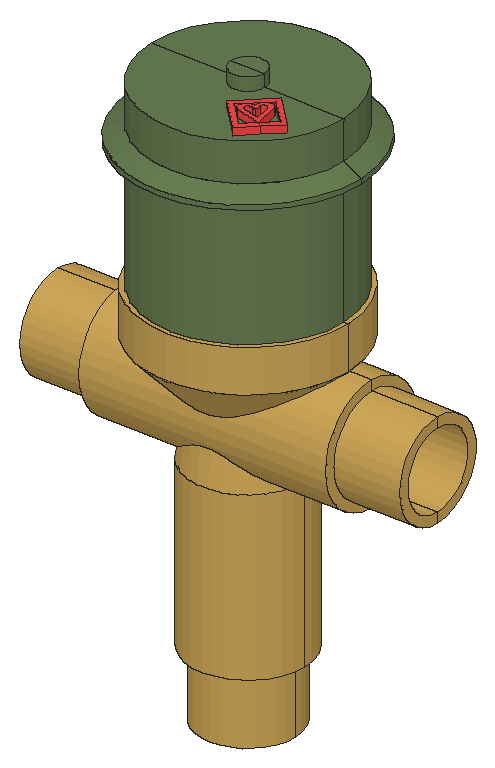
Revit family "TW Mischventil 7766 54", category Rohrzubehör, Revit 2021
Family settings
  Bemaßung runder Anschluss = Durchmesser verwenden
  Teiletyp = Unterbricht
  OmniClass-Nummer = 23.65.55.14
  OmniClass-Titel = Valves for Liquid Services
  Arbeitsebenenbasiert = Nein
  Immer vertikal = Ja
  Beim Laden mit Abzugskörper schneiden = Nein
  Gemeinsam genutzt = Nein
Parameters
  Vorgabe-Ansicht = 0 mm
  Temperaturstabilität am Ausgang = "+-2°C"  # constant formula
  Min. Übertemp. WW-MW = 15 °C  # constant formula
  Min. Durchfluss = 0.07 L/s  # constant formula
  Min. Betriebstemp. KW = "5 °C - 25 °C"  # constant formula
  Max. Betriebstemp. WW = 85 °C  # constant formula
  Max. Arbeitsdruck (dynamisch) = "0.2 - 6 bar"  # constant formula
  Warnhinweis = "• Es wird empfohlen das Ventil mindestens einmal im Jahr zu überprüfen. Bei schlechter oder unbekannter Wassergüte\r\nist die Prüfung entsprechend öfter durchzuführen.\r\n• Die Prüfung der Auslauftemperatur ist wie bei der Neuinstallation durchzuführen und darf nicht mehr als 2 °C vom\r\nErsteinstellwert abweichen.\r\n• Die Rückschlagventile sind zur Reinigung leicht zugänglich. Wir empfehlen die Verwendung einer Spitzzange um die\r\nRückschlagventile aus dem Ventilgehäuse zu ziehen. Aushebeln kann zu Beschädigungen führen.\r\n• Außer der Abnahme des Handrades und der Reinigung der Rückschlagventile ist ein weiteres Zerlegen des Ventils\r\nfür Wartungszwecke nicht vorgesehen"
  URL = "www.herz-armaturen.at"
  Temp. Einstellbereich = "35 °C - 50 °C"  # constant formula
  Spindel = "entzinkungsbeständiges Messing CW626N"  # constant formula
  Sicherheitshinweis = "Die verwendete Armatur ist eine SICHERHEITSARMATUR. Ein Austausch spätestens alle 5 Jahre wird empfohlen.\r\nNationale und regionale Normen, sowie Richtlinien sind zu beachten."
  SCTWSEQ = "AW;SBT_TYP_AW=\"104\";3"
  SCTWCODE = "04;18;03"  # constant formula
  S02 = H07 - H01 - H05  # 38.4 mm
  S01 = H00 - H01  # 61 mm
  R07 = 3.5 mm  # constant formula
  R06 = 24 mm  # constant formula
  R05 = 20.3 mm  # constant formula
  R04 = 24 mm  # constant formula
  R03 = R02 + 2 mm  # 12 mm
  R02 = Nennweite / 2  # 10 mm
  R01 = 8 mm  # constant formula
  Nennweite = 20 mm  # constant formula
  Mischtemp. (Werkseinstellung) = 45 °C  # constant formula
  Medium = "Trinkwasser"  # constant formula
  LO1 = H07 - H05  # 59.4 mm
  L02 = 21.3 mm  # constant formula
  L01 = 12 mm  # constant formula
  L00 = 40 mm  # constant formula
  Innenteil = "entzinkungsbeständiges Messing CW626N"  # constant formula
  Hinweis = "Gemäß Art 33 der REACH-Verordnung (EG Nr. 1907/2006) sind wir verpflichtet, darauf hinzuweisen, dass der Stoff Blei auf der SVHC-Liste geführt wird und dass alle aus Messing bestehenden Bauteile, die in unseren Erzeugnissen verarbeitet sind, mehr als 0,1 % (w/w) Blei (CAS: 7439-92-1 / EINECS: 231-100-4) enthalten.\r\nDa Blei als Legierungsbestandteil fest gebunden ist, sind keine Expositionen zu erwarten und daher sind keine zusätzlichen Angaben zur sicheren Verwendung notwendig."
  Hersteller = "HERZ Armaturen Ges.m.b.H."  # constant formula
  Handrad = "ABS"  # constant formula
  H08 = 8 mm  # constant formula
  H07 = 62 mm  # constant formula
  H06 = 25.4 mm  # constant formula
  H05 = 2.6 mm  # constant formula
  H04 = 35 mm  # constant formula
  H03 = 14 mm  # constant formula
  H02 = 9 mm  # constant formula
  H01 = 21 mm  # constant formula
  H00 = 82 mm  # constant formula
  Gehäuse = "entzinkungsbeständiges Messing CC770S"  # constant formula
  Funktion = "Das thermostatische Mischventil 7766 TMV wird in Anlagen mit erwärmten Trinkwasser eingesetzt.\r\nUnabhängig von Druck- oder Temperaturänderungen des im Ventil zu vermischenden Kalt- und Warmwassers, wird das gemischte Wasser konstant auf den voreingestellten Temperatur- und Durchflusswert geregelt.\r\nDas Thermostatventil arbeitet vollkommen selbstständig und ohne Hilfsenergie.\r\nDer nach der Installation einmal voreingestellte Wert der gewünschten Mischtemperatur, wird innerhalb einer regeltechnischen Hysterese konstant gehalten."
  Feder = "Edelstahl 1.4310"  # constant formula
  Durchfluss bei 3 bar = 0.7 L/s  # constant formula
  Dichtung = "EPDM"  # constant formula
  Bestellnummer = 2776654  # constant formula
  Arbeitsdruck (statisch) = 1000000.0 Pa  # constant formula
  Anschlussgewinde = "flachdichtend, G 3/4"  # constant formula
Reference planes
  plane 1 "Mitte (Vorne/hinten)": y = 0
  plane 2: z = 0
  plane 3 "Mitte (Links/rechts)": x = 0
Forms (mm)
  Revolve 1, solid, material "Kunststoff GRÜN", detail levels fine
    sketch origin (-2.352, 0, -141.797) x (1, 0, 0) y (0, 0, 1)
      loop
        line (-1.148, 201.197) -> (-17.948, 201.197) -> (-17.948, 193.197) -> (-21.648, 191.197) -> (-21.648, 190.197) -> (-17.948, 188.197) -> (-17.948, 162.797) -> (2.352, 162.797) -> (2.352, 203.797) -> (-1.148, 203.797) -> (-1.148, 201.197)
      axis (2.352, 203.797) -> (2.352, 162.797)
    angle from 0 to 360
  Revolve 2, solid, material "Messing, weicher Gelbton, geschweißt", detail levels fine
    sketch origin (101.455, 0, 0) x (1, 0, 0) y (0, 0, 1)
      loop
        line (-101.455, -49) -> (-101.455, 21) -> (-122.755, 21) -> (-122.755, 12) -> (-111.455, 0) -> (-113.455, -12) -> (-113.455, -47) -> (-111.455, -47) -> (-111.455, -61) -> (-109.455, -61) -> (-109.455, -49) -> (-101.455, -49)
      axis (-101.455, 21) -> (-101.455, -61)
    angle from 0 to 360
  Revolve 3, solid, material "Messing, weicher Gelbton, geschweißt", detail levels fine
    sketch origin (-28, 0, 0) x (1, 0, 0) y (0, 0, 1)
      loop
        line (56, 8) -> (68, 8) -> (68, 10) -> (54, 10) -> (54, 12) -> (2, 12) -> (2, 10) -> (-12, 10) -> (-12, 8) -> (0, 8) -> (0, 0) -> (56, 0) -> (56, 8)
      axis (-12, 0) -> (68, 0)
    angle from 0 to 360
Lines and regions (mm)
  model lines, detail levels coarse+medium
    curve 1: line (-40, 0, 10) -> (-40, 0, -10)
    curve 2: line (-40, 0, -10) -> (40, 0, 10)
    curve 3: line (40, 0, 10) -> (40, 0, -10)
    curve 4: line (40, 0, -10) -> (-40, 0, 10)
    curve 5: line (0, 0, 0) -> (10, 0, -61)
    curve 6: line (10, 0, -61) -> (-10, 0, -61)
    curve 7: line (-10, 0, -61) -> (0, 0, 0)
    curve 8: line (0, 0, 0) -> (0, 0, 21)
    curve 9: line (-20.3, 0, 21) -> (20.3, 0, 21)
    curve 10: line (20.3, 0, 21) -> (20.3, 0, 59.4)
    curve 11: line (20.3, 0, 59.4) -> (-20.3, 0, 59.4)
    curve 12: line (-20.3, 0, 59.4) -> (-20.3, 0, 21)
    curve 13: line (20.3, 0, 59.4) -> (-20.3, 0, 21)
    curve 14: line (-20.3, 0, 59.4) -> (20.3, 0, 21)
    curve 15: line (-40, 10, 0) -> (-40, -10, 0)
    curve 16: line (-40, -10, 0) -> (40, 10, 0)
    curve 17: line (40, 10, 0) -> (40, -10, 0)
    curve 18: line (40, -10, 0) -> (-40, 10, 0)
    curve 19: line (0, 0, 0) -> (-10, -61, 0)
    curve 20: line (-10, -61, 0) -> (10, -61, 0)
    curve 21: line (10, -61, 0) -> (0, 0, 0)
    curve 22: line (0, 0, 0) -> (0, 21, 0)
    curve 23: line (-20.3, 21, 0) -> (20.3, 21, 0)
    curve 24: line (20.3, 21, 0) -> (20.3, 59.4, 0)
    curve 25: line (20.3, 59.4, 0) -> (-20.3, 59.4, 0)
    curve 26: line (-20.3, 59.4, 0) -> (-20.3, 21, 0)
    curve 27: line (20.3, 59.4, 0) -> (-20.3, 21, 0)
    curve 28: line (-20.3, 59.4, 0) -> (20.3, 21, 0)
Dimensions and locks
  "L00": Revolve 3 sketch curve to plane 3 "Mitte (Links/rechts)" to Revolve 3 sketch curve
  "L01": Revolve 3 sketch curve to Revolve 3 sketch curve  (x2)
  "R01": Revolve 3 sketch curve to Revolve 3 sketch curve  (x2)
  "R02": Revolve 3 sketch curve to Revolve 3 sketch curve
  "L02": Revolve 2 sketch curve to Revolve 2 sketch curve
  "H02": Revolve 2 sketch curve to Revolve 2 sketch curve
  "R02": Revolve 2 sketch curve to Revolve 2 sketch curve  (x2)
  "H01": Revolve 2 sketch curve to plane 2
  "H00": Revolve 2 sketch curve to Revolve 2 sketch curve
  "H03": Revolve 2 sketch curve to Revolve 2 sketch curve
  "R03": Revolve 2 sketch curve to Revolve 2 sketch curve
  "H04": Revolve 2 sketch curve to Revolve 2 sketch curve
  "R01": Revolve 2 sketch curve to Revolve 2 sketch curve
  "L01": Revolve 2 sketch curve to Revolve 2 sketch curve
  "H03": Revolve 3 sketch curve to Revolve 3 sketch curve  (x2)
  "R03": Revolve 3 sketch curve to Revolve 3 sketch curve
  "R05": Revolve 1 sketch curve to Revolve 1 sketch curve  (x2)
  "H07": Revolve 1 sketch curve to plane 2
  "H05": Revolve 1 sketch curve to Revolve 1 sketch curve
  "H06": Revolve 1 sketch curve to Revolve 1 sketch curve
  "H08": Revolve 1 sketch curve to Revolve 1 sketch curve
  "R06": Revolve 1 sketch curve to Revolve 1 sketch curve
  "R07": Revolve 1 sketch curve to Revolve 1 sketch curve
  "R02": curve 4 to plane 2 to curve 2
  "R02": curve 3 to plane 2 to curve 4
  "L00": curve 1 to plane 3 "Mitte (Links/rechts)" to curve 3
  "R02": curve 6 to plane 3 "Mitte (Links/rechts)" to curve 7
  "S01": plane 2 to curve 6
  "H01": curve 8 to plane 2
  "S02": curve 11 to Revolve 1
  "R05": curve 12 to plane 3 "Mitte (Links/rechts)" to curve 10
  "L00": curve 15 to plane 3 "Mitte (Links/rechts)" to curve 17
  "R02": curve 16 to plane 1 "Mitte (Vorne/hinten)" to curve 18
  "R02": curve 18 to plane 1 "Mitte (Vorne/hinten)" to curve 17
  "R02": curve 20 to plane 3 "Mitte (Links/rechts)" to curve 21
  "S01": curve 20 to plane 1 "Mitte (Vorne/hinten)"
  "H01": plane 1 "Mitte (Vorne/hinten)" to curve 22
  "S02": curve 23 to curve 25
  "R05": curve 26 to plane 3 "Mitte (Links/rechts)" to curve 24
  "LO1": nested 1 to plane 2
  aligned and locked: level to plane 2
Automatic sketch dimensions
  curve 5 to level = 0 mm
  curve 8 to level = 0 mm
  plane 1 "Mitte (Vorne/hinten)" to curve 19 = 0 mm
  plane 1 "Mitte (Vorne/hinten)" to curve 22 = 0 mm
  Revolve 1 sketch curve to plane 3 "Mitte (Links/rechts)" = 0 mm  (x2)
  Revolve 1 sketch curve to Revolve 1 sketch curve = 2 mm  (x2)
  Revolve 1 sketch curve to Revolve 1 sketch curve = 1 mm
  Revolve 1 sketch curve to level = 366.045 mm
  Revolve 1 sketch curve to Revolve 1 sketch curve = 2152.315 mm
  Revolve 2 sketch curve to level = 0 mm
  Revolve 2 sketch curve to plane 3 "Mitte (Links/rechts)" = 0 mm  (x2)
  Revolve 2 sketch curve to Revolve 2 sketch curve = 0 mm
  Revolve 2 sketch curve to Revolve 2 sketch curve = 2193.315 mm
  Revolve 3 sketch curve to level = 0 mm  (x2)
  Revolve 3 sketch curve to Revolve 3 sketch curve = 2 mm
  Revolve 3 sketch curve to Revolve 3 sketch curve = 0 mm  (x2)
Nested families
  nested 1: "Herz-Logo" at (9.58, -9.58, 59.4) x (0.7071, 0.7071, 0) z (0, 0, 1), type "Herz-Logo", detail levels fine
Connectors
  piping at (-40, 0, 0), diameter 20, driven by "Nennweite"
    settings: on Revolve 3, index 1, connector inside diameter 609.6 mm, connector length 0 mm, flow factor 0, pipe flow 0.0 L/s, pressure drop 0.0 Pa, fitting loss kfactor 0, connector angle 0.00°, fixture units 0, engagement length 0 mm, angle of deflection 0.00°, flow configuration 0, flow direction 1, fitting loss method 0, system type 20, joint type 0, gender type 0, connector reference index -1, connector utility 0, adjustable connector no, is connector primary yes, connector description ""
  piping at (40, 0, 0), diameter 20, driven by "Nennweite"
    settings: on Revolve 3, index 2, connector inside diameter 609.6 mm, connector length 0 mm, flow factor 0, pipe flow 0.0 L/s, pressure drop 0.0 Pa, fitting loss kfactor 0, connector angle 0.00°, fixture units 0, engagement length 0 mm, angle of deflection 0.00°, flow configuration 0, flow direction 1, fitting loss method 0, system type 19, joint type 0, gender type 0, connector reference index -1, connector utility 0, adjustable connector no, is connector primary no, connector description ""
  piping at (0, 0, -61), diameter 20, driven by "Nennweite"
    settings: on Revolve 2, index 3, connector inside diameter 609.6 mm, connector length 0 mm, flow factor 0, pipe flow 0.0 L/s, pressure drop 0.0 Pa, fitting loss kfactor 0, connector angle 0.00°, fixture units 0, engagement length 0 mm, angle of deflection 0.00°, flow configuration 0, flow direction 2, fitting loss method 0, system type 29, joint type 0, gender type 0, connector reference index -1, connector utility 0, adjustable connector no, is connector primary no, connector description ""
Definition of nested family "Herz-Logo"
  Parameters (values of type "Herz-Logo")
    Default Elevation = 0 mm
  Reference planes
    plane 1 "Mitte (Vorne/hinten)": y = 0
    plane 2: z = 0
    plane 3 "Mitte (Links/rechts)": x = 0
  Forms (mm)
    Extrusion 1, solid
      sketch origin (0, 0, 0) x (1, 0, 0) y (0, 1, 0)
        loop
          line (-0.018, -4.517) -> (4.482, -4.517) -> (4.482, 4.483) -> (-4.518, 4.483) -> (-4.518, -4.517) -> (-0.018, -4.517)
        loop
          line (-0.05, -3.48) -> (3.482, -3.48) -> (3.482, 3.483) -> (-3.518, 3.483) -> (-3.518, -3.48) -> (-0.05, -3.48)
        loop
          arc (-0.018, 2.383) -> (-1.543, 3.287) -> (-3.067, 2.383) r 1.738
          arc (-3.067, 2.383) -> (-3.191, 1.899) -> (-3.067, 1.415) r 1.009
          line (-3.067, 1.415) -> (-0.018, -3.281) -> (3.032, 1.415)
          arc (3.032, 1.415) -> (3.156, 1.899) -> (3.032, 2.383) r 1.009
          arc (3.032, 2.383) -> (1.507, 3.287) -> (-0.018, 2.383) r 1.738
        loop
          arc (1.885, 1.272) -> (2.005, 1.675) -> (1.885, 2.079) r 0.74
          arc (1.885, 2.079) -> (1.265, 2.416) -> (0.644, 2.079) r 0.74
          line (0.644, 2.079) -> (-0.018, 0.97) -> (-0.679, 2.079)
          arc (-0.679, 2.079) -> (-1.3, 2.416) -> (-1.921, 2.079) r 0.74
          arc (-1.921, 2.079) -> (-2.04, 1.675) -> (-1.921, 1.272) r 0.74
          line (-1.921, 1.272) -> (-0.018, -1.658) -> (1.885, 1.272)
      from 0 to 1.5
  Dimensions and locks
    aligned and locked: level to plane 2
